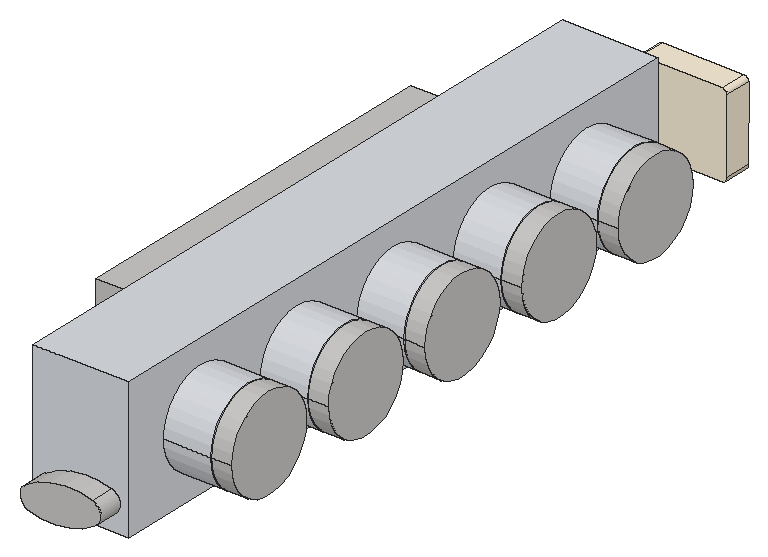
Revit family "HVAC_Ductwork_Airzone_Motorized-Plenum_Samsung_Standard_5-Dampers", category Mechanical Equipment, Revit 2016
Family settings
  Part Type = Normal
  Round Connector Dimension = Use Diameter
  OmniClass Number = 23.75.70.14
  OmniClass Title = Air Ductwork
  Work Plane-Based = No
  Always vertical = Yes
  Cut with Voids When Loaded = No
  Shared = No
  Room Calculation Point = No
Parameters (values of type "SAMST01M5")
  Voltage = 230 V
  URL = "www.airzone.es"
  Type Image Comments = "Image available in product documentation download"  # constant formula
  Revit Model Version = "1.0"  # constant formula
  Revit Model Author URL = "www.a3d.es"
  Revit Model Author = "A3D Consulting"  # constant formula
  Product Documentation Download URL = "http://doc.airzone.es/BIM/Easyzone/Samsung-Airzone_motorized_plenum.zip"
  Product Comments = "Refer to technical documentation for further details"  # constant formula
  Power Factor = 1
  Neck Width = 847.600 mm
  Neck Length = 95.000 mm
  Neck Height = 188.600 mm
  Material = Metal - AIRZONE - Galvanized Sheet - Semi-polished
  Main Control Board Material = Plastic - AIRZONE - Smooth - Off-white
  Load Classification = Other
  Insulated Body Width = 205.000 mm  # constant formula
  Insulated Body Material = Metal -AIRZONE - Insulating Lining -Aluminum Finish
  Insulated Body Length = 1425.000 mm  # constant formula
  Insulated Body Height = 300.000 mm  # constant formula
  Flow [instance] = Damper 5 Air Flow + Damper 4 Air Flow + Damper 3 Air Flow + Damper 2 Air Flow + Damper 1 Air Flow - Fresh Air Inlet 2 Flow - Fresh Air Inlet 1 Flow  # 1500 m³/h
  Fresh Air Inlet 1 Flow [instance] = 0 m³/h
  Fresh Air Inlet 2 Flow [instance] = 0 m³/h
  Fresh Air Inlet Connection Width = 175.000 mm
  Fresh Air Inlet Connection Height = 75.000 mm
  Model = "SAMST01M5"
  Neck Side Offset = 288.700 mm
  Neck Bottom Offset = 78.200 mm
  Type Image = <None>
  Manufacturer = "AIRZONE"  # constant formula
  Main Control Board Depth = 57.000 mm  # constant formula
  Main Control Board Width = 195.000 mm  # constant formula
  Main Control Board Height = 180.000 mm  # constant formula
  Fixing = ""
  Disclaimer = "All information provided in this model is reviewed before being published. However, Airzone cannot guarantee this model is error-free, therefore users are strongly encouraged to check for technical documentation and updates"  # constant formula
  Description = "Airzone standard motorized plenum with neck that mechanically adapts to the main ducted AC units of Samsung."
  Type Comments = ""
  Dampers Length = 149.000 mm  # constant formula
  Dampers Diameter = 200.000 mm  # constant formula
  Damper 5 Air Flow [instance] = 300 m³/h
  Damper 4 Air Flow [instance] = 300 m³/h
  Damper 1 Air Flow [instance] = 300 m³/h
  Damper 2 Air Flow [instance] = 300 m³/h
  Damper 3 Air Flow [instance] = 300 m³/h
  Fresh Air Inlet Connection Offset Height = 48.305 mm  # constant formula
  Compatible Accesories = ""
  Apparent Load = 57.5 VA
Types (11, lengths in mm): name | Neck Width | Neck Height | Model | Neck Side Offset | Neck Bottom Offset
  SAMST06L5 | 1120.600 | 223.600 | "SAMST06L5" | 127.200 | 43.200
  SAMST06M5 | 820.600 | 223.600 | "SAMST06M5" | 302.200 | 43.200
  SAMST05L5 | 907.600 | 232.600 | "SAMST05L5" | 258.600 | 33.700
  SAMST05M5 | 907.600 | 188.600 | "SAMST05M5" | 258.700 | 78.200
  SAMST05S5 | 847.600 | 188.600 | "SAMST05S5" | 288.700 | 78.200
  SAMST04L5 | 1263.600 | 251.600 | "SAMST04L5" | 80.700 | 24.200
  SAMST03L5 | 1170.600 | 223.600 | "SAMST03L5" | 127.200 | 43.200
  SAMST03M5 | 820.600 | 223.600 | "SAMST03M5" | 302.200 | 43.200
  SAMST02L5 | 907.600 | 232.600 | "SAMST02L5" | 258.700 | 33.700
  SAMST01L5 | 907.600 | 188.600 | "SAMST01L5" | 258.700 | 78.200
  SAMST01M5 | 847.600 | 188.600 | "SAMST01M5" | 288.700 | 78.200
Reference planes
  plane 1 "Center (Front/Back)": y = 0
  plane 2 "Center (Elevation)": z = 0
  plane 3 "Center (Left/Right)": x = 0
  plane 4 "Neck Back": y = 423.8
  plane 5 "Neck Front": y = -423.8
  plane 6 "Neck Top": z = 94.3
  plane 7 "Neck Bottom": z = -94.3
  plane 8 "Left": x = 95
  plane 9 "Bottom": z = -172.5
  plane 10 "Top": z = 127.5
  plane 11 "Front": y = -712.5
  plane 12 "Back": y = 712.5
  plane 13 "Right": x = 300
  plane 14 "Dampers Front": x = 449
  plane 15 "Dampers Center (Elevation)": z = -22.5
  plane 16 "Damper3": y = 0
  plane 17 "Damper2": y = 260
  plane 18 "Damper1": y = 520
  plane 19 "Middle": y = 0
  plane 20 "FreshAir Center (Elevation)": z = -124.195
  plane 21 "FreshAir1": y = 765
  plane 22 "FreshAir2": y = -765
  plane 23 "Dampers Lining": x = 404
  plane 24 "FreshAir Vertical Axis": x = 195.83
  plane 25 "ConnectionBox Side": x = 254
  plane 26 "Main Control Board Center (Left/Right)": x = 351.5
  plane 27 "Damper4": y = -260
  plane 28 "Damper5": y = -520
Forms (mm)
  Extrusion 1, solid, material "Metal - AIRZONE - Galvanized Sheet - Semi-polished" <- "Material"
    sketch origin (0, 0, 0) x (0, 1, 0) y (0, 0, 1)
      loop
        line (-423.8, 94.3) -> (-423.8, -94.3) -> (423.8, -94.3) -> (423.8, 94.3) -> (-423.8, 94.3)
    from 0 to 95
  Extrusion 2, solid, material "Metal -AIRZONE - Insulating Lining -Aluminum Finish" <- "Insulated Body Material"
    sketch origin (95, 0, 0) x (0, 1, 0) y (0, 0, 1)
      loop
        line (-712.5, 127.5) -> (-712.5, -172.5) -> (712.5, -172.5) -> (712.5, 127.5) -> (-712.5, 127.5)
    from 0 to 205
  Extrusion 3, solid, material "Metal - AIRZONE - Galvanized Sheet - Semi-polished" <- "Material"
    sketch origin (300, 0, 0) x (0, 1, 0) y (0, 0, 1)
      loop
        circle (0, -22.5) r 100
    from 104 to 149
  Extrusion 4, solid, material "Metal - AIRZONE - Galvanized Sheet - Semi-polished" <- "Material"
    sketch origin (300, 0, 0) x (0, 1, 0) y (0, 0, 1)
      loop
        circle (260, -22.5) r 100
    from 104 to 149
  Extrusion 5, solid, material "Metal - AIRZONE - Galvanized Sheet - Semi-polished" <- "Material"
    sketch origin (300, 0, 0) x (0, 1, 0) y (0, 0, 1)
      loop
        circle (520, -22.5) r 100
    from 104 to 149
  Extrusion 6, solid, material "Metal - AIRZONE - Galvanized Sheet - Semi-polished" <- "Material"
    sketch origin (0, -712.5, 0) x (0, 0, 1) y (1, 0, 0)
      loop
        arc (-91.641, 265.204) -> (-113.108, 282.105) -> (-137.812, 270.434) r 25.96
        arc (-137.812, 270.434) -> (-163.802, 200.598) -> (-156.349, 126.456) r 164.67
        arc (-156.349, 126.456) -> (-135.165, 109.589) -> (-110.494, 120.751) r 25.96
        arc (-110.494, 120.751) -> (-84.225, 190.78) -> (-91.641, 265.204) r 164.67
    from 0 to -52.5
  Extrusion 7, solid, material "Metal - AIRZONE - Galvanized Sheet - Semi-polished" <- "Material"
    sketch origin (0, 712.5, 0) x (0, 0, 1) y (1, 0, 0)
      loop
        arc (-91.641, 265.204) -> (-112.825, 282.071) -> (-137.496, 270.909) r 25.96
        arc (-137.496, 270.909) -> (-163.679, 201.53) -> (-156.767, 127.699) r 164.67
        arc (-156.767, 127.699) -> (-135.532, 109.637) -> (-110.178, 121.226) r 25.96
        arc (-110.178, 121.226) -> (-84.188, 191.062) -> (-91.641, 265.204) r 164.67
    from 0 to 52.5
  Extrusion 8, solid, material "Metal -AIRZONE - Insulating Lining -Aluminum Finish" <- "Insulated Body Material"
    sketch origin (300, 0, 0) x (0, 1, 0) y (0, 0, 1)
      loop
        circle (520, -22.5) r 100
    from 0 to 104
  Extrusion 9, solid, material "Metal -AIRZONE - Insulating Lining -Aluminum Finish" <- "Insulated Body Material"
    sketch origin (300, -260, 0) x (0, 1, 0) y (0, 0, 1)
      loop
        circle (520, -22.5) r 100
    from 0 to 104
  Extrusion 10, solid, material "Metal -AIRZONE - Insulating Lining -Aluminum Finish" <- "Insulated Body Material"
    sketch origin (300, -520, 0) x (0, 1, 0) y (0, 0, 1)
      loop
        circle (520, -22.5) r 100
    from 0 to 104
  Extrusion 11, solid, material "Metal - AIRZONE - Galvanized Sheet - Semi-polished" <- "Material"
    sketch origin (300, -190, 0) x (0, 1, 0) y (0, 0, 1)
      loop
        circle (-70, -22.5) r 100
    from 104 to 149
  Extrusion 12, solid, material "Metal -AIRZONE - Insulating Lining -Aluminum Finish" <- "Insulated Body Material"
    sketch origin (300, -710, 0) x (0, 1, 0) y (0, 0, 1)
      loop
        circle (450, -22.5) r 100
    from 0 to 104
  Extrusion 13, solid, material "Metal -AIRZONE - Insulating Lining -Aluminum Finish" <- "Insulated Body Material"
    sketch origin (300, -970, 0) x (0, 1, 0) y (0, 0, 1)
      loop
        circle (450, -22.5) r 100
    from 0 to 104
  Extrusion 14, solid, material "Metal - AIRZONE - Galvanized Sheet - Semi-polished" <- "Material"
    sketch origin (300, -450, 0) x (0, 1, 0) y (0, 0, 1)
      loop
        circle (-70, -22.5) r 100
    from 104 to 149
Lines and regions (mm)
  Masking region 1
    outline origin (0, 0, 0) x (1, 0, 0) y (0, 1, 0)
      loop
        line (95, 712.5) -> (95, -712.5) -> (300, -712.5) -> (300, 712.5) -> (95, 712.5)
  Masking region 2, detail levels medium+fine
    outline origin (0, 0, 0) x (1, 0, 0) y (0, 1, 0)
      loop
        line (0, 423.8) -> (0, -423.8) -> (95, -423.8) -> (95, 423.8) -> (0, 423.8)
  Masking region 3, detail levels medium+fine
    outline origin (0, 0, 0) x (1, 0, 0) y (0, 1, 0)
      loop
        line (300, 100) -> (300, -100) -> (449, -100) -> (449, 100) -> (300, 100)
  Masking region 4, detail levels medium+fine
    outline origin (0, 260, 0) x (1, 0, 0) y (0, 1, 0)
      loop
        line (300, 100) -> (300, -100) -> (449, -100) -> (449, 100) -> (300, 100)
  Masking region 5, detail levels medium+fine
    outline origin (0, 520, 0) x (1, 0, 0) y (0, 1, 0)
      loop
        line (300, 100) -> (300, -100) -> (449, -100) -> (449, 100) -> (300, 100)
  Masking region 6, detail levels medium+fine
    outline origin (0, 0, -124.195) x (1, 0, 0) y (0, 1, 0)
      loop
        line (108.33, 765) -> (108.33, 712.5) -> (283.33, 712.5) -> (283.33, 765) -> (108.33, 765)
  Masking region 7, detail levels medium+fine
    outline origin (0, 0, -124.195) x (1, 0, 0) y (0, 1, 0)
      loop
        line (108.33, -712.5) -> (108.33, -765) -> (283.33, -765) -> (283.33, -712.5) -> (108.33, -712.5)
  Masking region 8, detail levels medium+fine
    outline origin (0, 0, 127.5) x (0, -1, 0) y (1, 0, 0)
      loop
        line (-769.5, 254) -> (-712.5, 254) -> (-712.5, 449) -> (-769.5, 449) -> (-769.5, 254)
  Masking region 9, detail levels medium+fine
    outline origin (0, -190, 0) x (1, 0, 0) y (0, 1, 0)
      loop
        line (300, 30) -> (300, -170) -> (449, -170) -> (449, 30) -> (300, 30)
  Masking region 10, detail levels medium+fine
    outline origin (0, -450, 0) x (1, 0, 0) y (0, 1, 0)
      loop
        line (300, 30) -> (300, -170) -> (449, -170) -> (449, 30) -> (300, 30)
  symbolic lines, detail levels coarse
    curve 1: line (95, -712.5, 0) -> (300, 0, 0)
    curve 2: line (300, 0, 0) -> (95, 712.5, 0)
Dimensions and locks
  equal spacing: plane 4 "Neck Back", plane 1 "Center (Front/Back)", plane 5 "Neck Front"
  "Neck Width": plane 4 "Neck Back" to plane 5 "Neck Front"
  equal spacing: plane 6 "Neck Top", level, plane 7 "Neck Bottom"
  "Neck Height": plane 6 "Neck Top" to plane 7 "Neck Bottom"
  "Neck Length": plane 3 "Center (Left/Right)" to plane 8 "Left"
  "Neck Bottom Offset": plane 7 "Neck Bottom" to plane 9 "Bottom"
  "Insulated Body Height": plane 10 "Top" to plane 9 "Bottom"
  "Insulated Body Length": plane 12 "Back" to plane 11 "Front"
  "Insulated Body Width": plane 8 "Left" to plane 13 "Right"
  "Dampers Length": plane 13 "Right" to plane 14 "Dampers Front"
  equal spacing: plane 10 "Top", plane 15 "Dampers Center (Elevation)", plane 9 "Bottom"
  equal spacing: plane 12 "Back", plane 19 "Middle", plane 11 "Front"
  plane 8 "Left" to plane 13 "Right" = 205.000 mm
  "Fresh Air Inlet Connection Offset Height": plane 20 "FreshAir Center (Elevation)" to plane 9 "Bottom"
  locked: Extrusion 6 sketch curve to plane 9 "Bottom" at 56.47
  locked: plane 13 "Right" to Extrusion 6 sketch curve at 43.69
  locked: plane 13 "Right" to Extrusion 6 sketch curve at 164.65
  locked: Extrusion 6 sketch curve to plane 9 "Bottom" at 40.54
  locked: plane 13 "Right" to Extrusion 6 sketch curve at 87.91
  locked: plane 9 "Bottom" to Extrusion 6 sketch curve at 75.01
  locked: plane 13 "Right" to Extrusion 6 sketch curve at 120.43
  locked: Extrusion 6 sketch curve to plane 9 "Bottom" at 172.02
  locked: plane 13 "Right" to Extrusion 7 sketch curve at 43.69
  locked: Extrusion 7 sketch curve to plane 9 "Bottom" at 56.47
  locked: Extrusion 7 sketch curve to plane 9 "Bottom" at 40.54
  locked: plane 13 "Right" to Extrusion 7 sketch curve at 164.65
  locked: plane 13 "Right" to Extrusion 7 sketch curve at 120.43
  locked: Extrusion 7 sketch curve to plane 9 "Bottom" at 172.02
  locked: plane 9 "Bottom" to Extrusion 7 sketch curve at 75.01
  locked: plane 13 "Right" to Extrusion 7 sketch curve at 87.91
  "Neck Side Offset": plane 12 "Back" to plane 4 "Neck Back"
  locked: plane 21 "FreshAir1" to plane 12 "Back" at 52.5
  plane 11 "Front" to plane 22 "FreshAir2" = 52.500 mm
  locked: connector elem to plane 13 "Right" at 104.17
  locked: plane 20 "FreshAir Center (Elevation)" to connector elem
  locked: plane 13 "Right" to connector elem at 104.17
  locked: connector elem to plane 20 "FreshAir Center (Elevation)"
  locked: plane 23 "Dampers Lining" to plane 14 "Dampers Front" at 45
  locked: plane 24 "FreshAir Vertical Axis" to plane 13 "Right" at 104.17
  equal spacing: Masking region 3 sketch curve, plane 16 "Damper3", Masking region 3 sketch curve
  "Dampers Diameter": Masking region 3 sketch curve to Masking region 3 sketch curve
  "Dampers Diameter": Masking region 4 sketch curve to Masking region 4 sketch curve
  equal spacing: Masking region 5 sketch curve, plane 18 "Damper1", Masking region 5 sketch curve
  "Dampers Diameter": Masking region 5 sketch curve to Masking region 5 sketch curve
  equal spacing: Masking region 6 sketch curve, plane 24 "FreshAir Vertical Axis", Masking region 6 sketch curve
  "Fresh Air Inlet Connection Width": Masking region 6 sketch curve to Masking region 6 sketch curve
  equal spacing: Masking region 7 sketch curve, plane 24 "FreshAir Vertical Axis", Masking region 7 sketch curve
  "Fresh Air Inlet Connection Width": Masking region 7 sketch curve to Masking region 7 sketch curve
  "Main Control Board Depth": Masking region 8 sketch curve to plane 12 "Back"
  "Main Control Board Width": plane 25 "ConnectionBox Side" to plane 14 "Dampers Front"
  equal spacing: plane 25 "ConnectionBox Side", plane 26 "Main Control Board Center (Left/Right)", plane 14 "Dampers Front"
  locked: nested 1 to plane 10 "Top" at 10
  equal spacing: Masking region 4 sketch curve, plane 17 "Damper2", Masking region 4 sketch curve
  equal spacing: Masking region 9 sketch curve, plane 27 "Damper4", Masking region 9 sketch curve
  "Dampers Diameter": Masking region 9 sketch curve to Masking region 9 sketch curve
  plane 18 "Damper1" to plane 17 "Damper2" to plane 16 "Damper3" to plane 27 "Damper4" to plane 28 "Damper5" = 260.000 mm locked, 260.000 mm locked, 260.000 mm locked, 260.000 mm locked
  locked: plane 19 "Middle" to plane 16 "Damper3"
  equal spacing: Masking region 10 sketch curve, plane 28 "Damper5", Masking region 10 sketch curve
  "Dampers Diameter": Masking region 10 sketch curve to Masking region 10 sketch curve
  "Dampers Diameter": diameter of Extrusion 3 sketch curve
  "Dampers Diameter": diameter of Extrusion 4 sketch curve
  "Dampers Diameter": diameter of Extrusion 5 sketch curve
  radius of Extrusion 7 sketch curve = 164.670 mm  (x2)
  radius of Extrusion 7 sketch curve = 25.960 mm  (x2)
  radius of Extrusion 6 sketch curve = 164.670 mm  (x2)
  radius of Extrusion 6 sketch curve = 25.960 mm  (x2)
  "Dampers Diameter": diameter of Extrusion 8 sketch curve
  "Dampers Diameter": diameter of Extrusion 9 sketch curve
  "Dampers Diameter": diameter of Extrusion 10 sketch curve
  "Dampers Diameter": diameter of Extrusion 11 sketch curve
  "Dampers Diameter": diameter of Extrusion 12 sketch curve
  "Dampers Diameter": diameter of Extrusion 13 sketch curve
  "Dampers Diameter": diameter of Extrusion 14 sketch curve
  aligned and locked: level to plane 2 "Center (Elevation)"
  aligned and locked: plane 5 "Neck Front" to Extrusion 1 sketch curve
  aligned and locked: Extrusion 1 sketch curve to plane 6 "Neck Top"
  aligned and locked: Extrusion 1 sketch curve to plane 4 "Neck Back"
  aligned and locked: plane 7 "Neck Bottom" to Extrusion 1 sketch curve
  aligned and locked: Extrusion 1 to plane 3 "Center (Left/Right)"
  aligned and locked: Extrusion 2 sketch curve to plane 10 "Top"
  aligned and locked: Extrusion 2 sketch curve to plane 12 "Back"
  aligned and locked: plane 9 "Bottom" to Extrusion 2 sketch curve
  aligned and locked: plane 11 "Front" to Extrusion 2 sketch curve
  aligned and locked: plane 13 "Right" to Extrusion 2
  aligned and locked: Extrusion 2 to plane 8 "Left"
  aligned and locked: plane 16 "Damper3" to Extrusion 3 sketch curve
  aligned and locked: plane 15 "Dampers Center (Elevation)" to Extrusion 3 sketch curve
  aligned and locked: plane 15 "Dampers Center (Elevation)" to Extrusion 4 sketch curve
  aligned and locked: plane 18 "Damper1" to Extrusion 5 sketch curve
  aligned and locked: plane 15 "Dampers Center (Elevation)" to Extrusion 5 sketch curve
  aligned and locked: plane 14 "Dampers Front" to Extrusion 5
  aligned and locked: plane 14 "Dampers Front" to Extrusion 4
  aligned and locked: plane 14 "Dampers Front" to Extrusion 3
  aligned and locked: plane 8 "Left" to Extrusion 1
  aligned and locked: plane 22 "FreshAir2" to Extrusion 6
  aligned and locked: plane 21 "FreshAir1" to Extrusion 7
  aligned and locked: Extrusion 7 to plane 12 "Back"
  aligned and locked: plane 11 "Front" to Extrusion 6
  aligned and locked: Extrusion 5 to plane 23 "Dampers Lining"
  aligned and locked: Extrusion 5 to Extrusion 4
  aligned and locked: Extrusion 4 to Extrusion 3
  aligned and locked: plane 23 "Dampers Lining" to Extrusion 8
  aligned and locked: Extrusion 10 to plane 13 "Right"
  aligned and locked: plane 23 "Dampers Lining" to Extrusion 10
  aligned and locked: Extrusion 9 to plane 13 "Right"
  aligned and locked: plane 23 "Dampers Lining" to Extrusion 9
  aligned and locked: Extrusion 8 to plane 13 "Right"
  aligned and locked: Extrusion 9 to Extrusion 8
  aligned and locked: plane 18 "Damper1" to Extrusion 8 sketch curve
  aligned and locked: plane 15 "Dampers Center (Elevation)" to Extrusion 8 sketch curve
  aligned and locked: plane 15 "Dampers Center (Elevation)" to Extrusion 9 sketch curve
  aligned and locked: plane 16 "Damper3" to Extrusion 10 sketch curve
  aligned and locked: plane 15 "Dampers Center (Elevation)" to Extrusion 10 sketch curve
  aligned and locked: Masking region 1 sketch curve to plane 12 "Back"
  aligned and locked: plane 8 "Left" to Masking region 1 sketch curve
  aligned and locked: Masking region 1 sketch curve to plane 13 "Right"
  aligned and locked: plane 11 "Front" to Masking region 1 sketch curve
  aligned and locked: plane 5 "Neck Front" to Masking region 2 sketch curve
  aligned and locked: plane 3 "Center (Left/Right)" to Masking region 2 sketch curve
  aligned and locked: Masking region 2 sketch curve to plane 4 "Neck Back"
  aligned and locked: Masking region 2 sketch curve to plane 8 "Left"
  aligned and locked: plane 13 "Right" to Masking region 3 sketch curve
  aligned and locked: Masking region 3 sketch curve to plane 14 "Dampers Front"
  aligned and locked: plane 13 "Right" to Masking region 4 sketch curve
  aligned and locked: Masking region 4 sketch curve to plane 14 "Dampers Front"
  aligned and locked: plane 13 "Right" to Masking region 5 sketch curve
  aligned and locked: Masking region 5 sketch curve to plane 14 "Dampers Front"
  aligned and locked: plane 12 "Back" to Masking region 6 sketch curve
  aligned and locked: Masking region 6 sketch curve to plane 21 "FreshAir1"
  aligned and locked: Masking region 7 sketch curve to plane 11 "Front"
  aligned and locked: Masking region 7 sketch curve to plane 22 "FreshAir2"
  aligned and locked: plane 12 "Back" to Masking region 8 sketch curve
  aligned and locked: Masking region 8 sketch curve to plane 14 "Dampers Front"
  aligned and locked: plane 25 "ConnectionBox Side" to Masking region 8 sketch curve
  aligned and locked: plane 17 "Damper2" to Extrusion 9 sketch curve
  aligned and locked: plane 17 "Damper2" to Extrusion 4 sketch curve
  aligned and locked: Masking region 9 sketch curve to plane 14 "Dampers Front"
  aligned and locked: plane 13 "Right" to Masking region 9 sketch curve
  aligned and locked: Extrusion 12 to plane 13 "Right"
  aligned and locked: plane 23 "Dampers Lining" to Extrusion 12
  aligned and locked: Extrusion 11 to plane 23 "Dampers Lining"
  aligned and locked: plane 14 "Dampers Front" to Extrusion 11
  aligned and locked: plane 15 "Dampers Center (Elevation)" to Extrusion 12 sketch curve
  aligned and locked: plane 27 "Damper4" to Extrusion 12 sketch curve
  aligned and locked: plane 15 "Dampers Center (Elevation)" to Extrusion 11 sketch curve
  aligned and locked: plane 27 "Damper4" to Extrusion 11 sketch curve
  aligned and locked: Masking region 10 sketch curve to plane 14 "Dampers Front"
  aligned and locked: plane 13 "Right" to Masking region 10 sketch curve
  aligned and locked: plane 28 "Damper5" to Extrusion 13 sketch curve
  aligned and locked: plane 15 "Dampers Center (Elevation)" to Extrusion 13 sketch curve
  aligned and locked: Extrusion 14 to plane 23 "Dampers Lining"
  aligned and locked: plane 14 "Dampers Front" to Extrusion 14
  aligned and locked: plane 15 "Dampers Center (Elevation)" to Extrusion 14 sketch curve
  aligned and locked: plane 28 "Damper5" to Extrusion 14 sketch curve
  aligned and locked: nested 1 to plane 26 "Main Control Board Center (Left/Right)"
Automatic sketch dimensions
  curve 2 to plane 8 "Left" = 0.000 mm
  curve 1 to plane 8 "Left" = 0.000 mm
  curve 2 to plane 13 "Right" = 0.000 mm
  curve 1 to plane 11 "Front" = 0.000 mm
  curve 2 to plane 16 "Damper3" = 0.000 mm
  curve 2 to plane 12 "Back" = 0.000 mm
Nested families
  nested 1: "Airzone_Main-Control-Board" at (351.5, 712.5, 27.5) x (-1, 0, 0) z (0, 1, 0), Extrusion <- "Main Control Board Depth", Height <- "Main Control Board Height", Width <- "Main Control Board Width", Material <- "Main Control Board Material", type "Standard"
    with Width 195.000 mm, Material Plastic - AIRZONE - Smooth - Off-white, Height 180.000 mm, Extrusion 57.000 mm
Connectors
  hvac at (449, 0, -22.5), driven by "Damper 3 Air Flow", driven by "Dampers Diameter"
    settings: on Extrusion 3, index 1, duct flow 300 m³/h, flow factor 0, pres drop 0.0 Pa, loss coef 0, conn angle 0.00°, conn width 304.8 mm, conn height 304.8 mm, conn diameter 200 mm, duct sys type 1, conn prof type 0, flow config 0, flow direction 2, loss method 0, conn ref index -1, conn util no, is conn primary no, conn desc "Supply Air Out 3"
  hvac at (449, 260, -22.5), driven by "Damper 2 Air Flow", driven by "Dampers Diameter"
    settings: on Extrusion 4, index 2, duct flow 300 m³/h, flow factor 0, pres drop 0.0 Pa, loss coef 0, conn angle 0.00°, conn width 304.8 mm, conn height 304.8 mm, conn diameter 200 mm, duct sys type 1, conn prof type 0, flow config 0, flow direction 2, loss method 0, conn ref index -1, conn util no, is conn primary no, conn desc "Supply Air Out 2"
  hvac at (449, 520, -22.5), driven by "Damper 1 Air Flow", driven by "Dampers Diameter"
    settings: on Extrusion 5, index 3, duct flow 300 m³/h, flow factor 0, pres drop 0.0 Pa, loss coef 0, conn angle 0.00°, conn width 304.8 mm, conn height 304.8 mm, conn diameter 200 mm, duct sys type 1, conn prof type 0, flow config 0, flow direction 2, loss method 0, conn ref index -1, conn util no, is conn primary no, conn desc "Supply Air Out 1"
  hvac at (0, 0, 0), driven by "Flow", driven by "Neck Height", driven by "Neck Width"
    settings: on Extrusion 1, index 6, duct flow 1500 m³/h, flow factor 0, pres drop 0.0 Pa, loss coef 0, conn angle 0.00°, conn width 847.6 mm, conn height 188.6 mm, conn diameter 609.6 mm, duct sys type 1, conn prof type 1, flow config 1, flow direction 1, loss method 0, conn ref index -1, conn util no, is conn primary yes, conn desc "Supply Air In"
  hvac at (195.83, -765, -124.195), driven by "Fresh Air Inlet 2 Flow", driven by "Fresh Air Inlet Connection Width", driven by "Fresh Air Inlet Connection Height"
    settings: index 7, duct flow 0 m³/h, flow factor 0, pres drop 0.0 Pa, loss coef 0, conn angle 0.00°, conn width 175 mm, conn height 75 mm, conn diameter 609.6 mm, duct sys type 1, conn prof type 2, flow config 1, flow direction 1, loss method 0, conn ref index -1, conn util no, is conn primary no, conn desc "Fresh Air In 2"
  hvac at (195.83, 765, -124.195), driven by "Fresh Air Inlet 1 Flow", driven by "Fresh Air Inlet Connection Height", driven by "Fresh Air Inlet Connection Width"
    settings: index 8, duct flow 0 m³/h, flow factor 0, pres drop 0.0 Pa, loss coef 0, conn angle 0.00°, conn width 175 mm, conn height 75 mm, conn diameter 609.6 mm, duct sys type 1, conn prof type 2, flow config 1, flow direction 1, loss method 0, conn ref index -1, conn util no, is conn primary no, conn desc "Fresh Air In 1"
  hvac at (449, -260, -22.5), driven by "Damper 4 Air Flow", driven by "Dampers Diameter"
    settings: on Extrusion 11, index 9, duct flow 300 m³/h, flow factor 0, pres drop 0.0 Pa, loss coef 0, conn angle 0.00°, conn width 304.8 mm, conn height 304.8 mm, conn diameter 200 mm, duct sys type 1, conn prof type 0, flow config 0, flow direction 2, loss method 0, conn ref index -1, conn util no, is conn primary no, conn desc "Supply Air Out 4"
  hvac at (449, -520, -22.5), driven by "Damper 5 Air Flow", driven by "Dampers Diameter"
    settings: on Extrusion 14, index 10, duct flow 300 m³/h, flow factor 0, pres drop 0.0 Pa, loss coef 0, conn angle 0.00°, conn width 304.8 mm, conn height 304.8 mm, conn diameter 200 mm, duct sys type 1, conn prof type 0, flow config 0, flow direction 2, loss method 0, conn ref index -1, conn util no, is conn primary no, conn desc "Supply Air Out 5"
  electrical at (351.5, 769.5, 27.5), driven by "Load Classification", driven by "Voltage", driven by "Apparent Load", driven by "Power Factor"
    settings: on nested 1, index 11, voltage 230 V, apparent load 57.5 VA, apparent load phase1 0 VA, apparent load phase2 0 VA, apparent load phase3 0 VA, power factor 1, load classification "Other", number of poles 1, system type 30, power factor state 1, is connector primary yes, connector utility no, sub classification motor no, connector description "Power Supply"
Definition of nested family "Airzone_Main-Control-Board"
  Parameters (values of type "Standard")
    Width [instance] = 195.000 mm
    URL = "www.airzone.es"
    Revit Model Version = "1.0"  # constant formula
    Revit Model Author URL = "www.a3d.es"
    Revit Model Author = "A3D Consulting"  # constant formula
    Material [instance] = none
    Manufacturer = "AIRZONE"  # constant formula
    Height [instance] = 180.000 mm
    Extrusion [instance] = 57.000 mm
    Default Elevation = 0.000 mm
  Reference planes
    plane 1 "Center (Front/Back)": y = 0
    plane 2: z = 0
    plane 3 "Center (Left/Right)": x = 0
    plane 4: y = 90
    plane 5: y = -90
    plane 6: x = 97.5
    plane 7: x = -97.5
  Forms (mm)
    Extrusion 1, solid, material <- "Material"
      sketch origin (0, 0, 0) x (1, 0, 0) y (0, 1, 0)
        loop
          arc (-87.5, 90) -> (-94.571, 87.071) -> (-97.5, 80) r 10
          line (-97.5, 80) -> (-97.5, -80)
          arc (-97.5, -80) -> (-94.571, -87.071) -> (-87.5, -90) r 10
          line (-87.5, -90) -> (87.5, -90)
          arc (87.5, -90) -> (94.571, -87.071) -> (97.5, -80) r 10
          line (97.5, -80) -> (97.5, 80)
          arc (97.5, 80) -> (94.571, 87.071) -> (87.5, 90) r 10
          line (87.5, 90) -> (-87.5, 90)
      from 0 to 57 <- "Extrusion"
  Dimensions and locks
    equal spacing: plane 7, plane 3 "Center (Left/Right)", plane 6
    equal spacing: plane 4, plane 1 "Center (Front/Back)", plane 5
    "Width": plane 7 to plane 6
    "Height": plane 4 to plane 5
    radius of Extrusion 1 sketch curve = 10.000 mm  (x4)
    aligned and locked: level to plane 2
    aligned and locked: plane 5 to Extrusion 1 sketch curve
    aligned and locked: Extrusion 1 sketch curve to plane 6
    aligned and locked: Extrusion 1 sketch curve to plane 4
    aligned and locked: plane 7 to Extrusion 1 sketch curve
